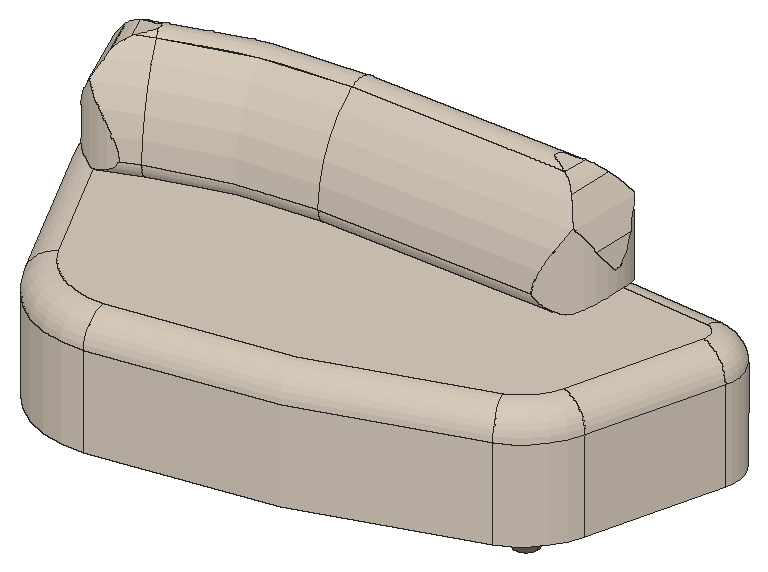
Revit family "FU_Modular_Sandler_Flow 06060", category Furniture, Revit 2022
Family settings
  OmniClass Number = 23.40.20.00
  OmniClass Title = General Furniture and Specialties
  Work Plane-Based = No
  Always vertical = Yes
  Cut with Voids When Loaded = No
  Render Appearance Source = Family Geometry
  Shared = No
  Room Calculation Point = No
Parameters (values of type "Flow 06060")
  Width = 2130 mm
  URL = "https://www.sandlerseating.com/product/flow-06060/"
  Shell [instance] = Fabric - Manhattan - Bronx YI364
  Model = "Flow 06060"
  Manufacturer = "Sandler"
  Height = 450 mm
  Description = "Left-hand modular sofa seat in an irregular shape. The backrest is in a fixed position, and the seat is webbed for comfort."
  Depth = 1150 mm
  Default Elevation = 0 mm
Reference planes
  plane 1 "Center (Front/Back)": y = 0
  plane 2: z = 0
  plane 3 "Center (Left/Right)": x = 0
  plane 4 "Right": x = -1065
  plane 5 "Left": x = 1065
  plane 6 "Back": y = 575
  plane 7 "Front": y = -575
  plane 8 "Height": z = 450
  plane 9 "Seat Base": z = 50
Forms (mm)
  Extrusion 1, solid, material "Wood - Beech - Wenge"
    sketch origin (-4.7, 2.795, 0) x (1, 0, 0) y (0, 1, 0)
      loop
        circle (-530.463, -414.937) r 40
      loop
        circle (-917.157, 302.792) r 40
      loop
        circle (944.431, 401.307) r 40
      loop
        circle (777.154, -159.036) r 40
    from 0 to 55
  Extrusion 2, solid, material "Fabric - Manhattan - Bronx YI364" <- "Shell"
    sketch origin (0, 0, 50) x (-1, 0, 0) y (0, -1, 0)
      loop
        arc (738.548, 362.816) -> (588.623, 518.503) -> (377.298, 563.865) r 370
        arc (377.298, 563.865) -> (-203.219, 467.579) -> (-761.201, 280.688) r 3708.81
        arc (-761.201, 280.688) -> (-862.424, 207.216) -> (-921.557, 96.999) r 280
        line (-921.557, 96.999) -> (-1040.925, -339.095)
        arc (-1040.925, -339.095) -> (-1022.545, -456.552) -> (-922.502, -520.783) r 145
        arc (-922.502, -520.783) -> (-16.169, -575.475) -> (885.722, -470.476) r 5160.671
        arc (885.722, -470.476) -> (1021.949, -364.044) -> (1020.063, -191.18) r 195
        line (1020.063, -191.18) -> (738.548, 362.816)
    from 0 to 400
  Sweep 3, void
    path in 3D
      loop
        arc (-738.548, -362.816, 450) -> (-588.623, -518.503, 450) -> (-377.298, -563.865, 450) r 370
        arc (-377.298, -563.865, 450) -> (203.219, -467.579, 450) -> (761.201, -280.688, 450) r 3708.81
        arc (761.201, -280.688, 450) -> (862.424, -207.216, 450) -> (921.557, -96.999, 450) r 280
        line (921.557, -96.999, 450) -> (1040.925, 339.095, 450)
        arc (1040.925, 339.095, 450) -> (1022.545, 456.552, 450) -> (922.502, 520.783, 450) r 145
        arc (922.502, 520.783, 450) -> (16.169, 575.475, 450) -> (-885.722, 470.476, 450) r 5160.671
        arc (-885.722, 470.476, 450) -> (-1021.949, 364.044, 450) -> (-1020.063, 191.18, 450) r 195
        line (-1020.063, 191.18, 450) -> (-738.548, -362.816, 450)
    profile "Pro_edgeCut_95mm : Pro_edgeCut_95mm" origin (-879.306, -85.818, 450) x (0.891501, 0.453019, 0) y (0, 0, 1)
      loop
        line (95, 0) -> (95, 48) -> (-48, 48) -> (-48, -95) -> (0, -95)
        arc (0, -95) -> (27.825, -27.825) -> (95, 0) r 95
Cuts and joins
  Sweep 3 cuts Extrusion 2
Lines and regions (mm)
  sketch lines
    curve 1: line (-1020.063, 191.18, 450) -> (-738.548, -362.816, 450)
    curve 2: arc (-377.298, -563.865, 450) -> (-588.623, -518.503, 450) -> (-738.548, -362.816, 450) r 370
    curve 3: arc (761.201, -280.688, 450) -> (203.219, -467.579, 450) -> (-377.298, -563.865, 450) r 3708.81
    curve 4: arc (921.557, -96.999, 450) -> (862.424, -207.216, 450) -> (761.201, -280.688, 450) r 280
    curve 5: line (921.557, -96.999, 450) -> (1040.925, 339.095, 450)
    curve 6: arc (922.502, 520.783, 450) -> (1022.545, 456.552, 450) -> (1040.925, 339.095, 450) r 145
    curve 7: arc (-885.722, 470.476, 450) -> (16.169, 575.475, 450) -> (922.502, 520.783, 450) r 5160.671
    curve 8: arc (-1020.063, 191.18, 450) -> (-1021.949, 364.044, 450) -> (-885.722, 470.476, 450) r 195
Dimensions and locks
  equal spacing: plane 6 "Back", plane 1 "Center (Front/Back)", plane 7 "Front"
  "Depth": plane 6 "Back" to plane 7 "Front"
  equal spacing: plane 4 "Right", plane 3 "Center (Left/Right)", plane 5 "Left"
  "Width": plane 4 "Right" to plane 5 "Left"
  "Height": plane 8 "Height" to level
  aligned and locked: level to plane 2
Automatic sketch dimensions
  plane 4 "Right" to Extrusion 1 sketch curve = 143.143 mm
  plane 7 "Front" to Extrusion 1 sketch curve = 162.858 mm
  plane 4 "Right" to Extrusion 1 sketch curve = 529.837 mm
  Extrusion 1 sketch curve to plane 5 "Left" = 292.546 mm
  Extrusion 1 sketch curve to plane 5 "Left" = 125.269 mm
  plane 1 "Center (Front/Back)" to Extrusion 1 sketch curve = 156.241 mm
  Extrusion 1 sketch curve to plane 6 "Back" = 269.413 mm
  Extrusion 1 sketch curve to plane 6 "Back" = 170.898 mm
  Extrusion 2 sketch curve to plane 5 "Left" = 24.075 mm
  Extrusion 2 sketch curve to plane 5 "Left" = 143.443 mm
  Extrusion 2 sketch curve to Extrusion 2 sketch curve = 139.855 mm
  plane 1 "Center (Front/Back)" to Extrusion 2 sketch curve = 23.076 mm
  Extrusion 2 sketch curve to Extrusion 2 sketch curve = 270.066 mm
  plane 3 "Center (Left/Right)" to Extrusion 2 sketch curve = 159.69 mm
  plane 1 "Center (Front/Back)" to Extrusion 2 sketch curve = 195.199 mm
  Extrusion 2 sketch curve to plane 3 "Center (Left/Right)" = 408.693 mm
  plane 4 "Right" to Extrusion 2 sketch curve = 373.009 mm
  plane 4 "Right" to Extrusion 2 sketch curve = 326.452 mm
  plane 4 "Right" to Extrusion 2 sketch curve = 218.78 mm
  plane 4 "Right" to Extrusion 2 sketch curve = 44.937 mm
  Extrusion 2 sketch curve to plane 1 "Center (Front/Back)" = 191.18 mm
  Extrusion 2 sketch curve to Extrusion 2 sketch curve = 88.339 mm
  Extrusion 2 sketch curve to plane 6 "Back" = 235.905 mm
  Extrusion 2 sketch curve to Extrusion 2 sketch curve = 38.281 mm
  plane 6 "Back" to Extrusion 2 sketch curve = 2556.57 mm
  plane 1 "Center (Front/Back)" to Extrusion 2 sketch curve = 96.999 mm
  plane 7 "Front" to Extrusion 2 sketch curve = 212.184 mm
  Extrusion 2 sketch curve to plane 7 "Front" = 4008.2 mm
  Extrusion 2 sketch curve to Extrusion 2 sketch curve = 0 mm  (x2)
  radius of Extrusion 1 sketch curve = 40 mm  (x4)
Nested families
  nested 1: "Flow 06060 Cushion" at (0, 0, 0), Seat <- "Shell", type "Flow 06060 Cushion"
    with Seat Fabric - Manhattan - Bronx YI364
Definition of nested family "Flow 06060 Cushion"
  Parameters (values of type "Flow 06060 Cushion")
    Width = 1624 mm
    Seat [instance] = none
    Height = 830 mm
    Depth = 425.141 mm
    Default Elevation = 0 mm
  Reference planes
    plane 1 "Center (Front/Back)": y = 0
    plane 2: z = 0
    plane 3 "Center (Left/Right)": x = 0
    plane 4 "Right": x = -962
    plane 5 "Left": x = 662
    plane 6 "Back": y = 515.141
    plane 7 "Front": y = 90
    plane 8 "Height": z = 830
    plane 9 "Seat Height": z = 450
    plane 10 "right cushion edge": through (-951.547, 174.869, 1200) normal (-0.3907, 0.9205, 0)
  Forms (mm)
    Sweep 1, solid, material <- "Seat"
      path origin (0, 0, 450) x (-1, 0, 0) y (0, -1, 0)
        loop
          line (-766.206, -365.766) -> (193.794, -365.766)
          arc (193.794, -365.766) -> (488.546, -336.521) -> (771.804, -249.928) r 1500
          line (771.804, -249.928) -> (1020.953, -145.886)
      profile origin (286.206, 365.766, 450) x (0, -1, 0) y (0, 0, 1)
        loop
          arc (129.952, 5.746) -> (165.744, 23.478) -> (180.098, 60.754) r 55
          arc (180.098, 60.754) -> (143.176, 228.567) -> (40.34, 366.223) r 407.322
          spline (40.34, 366.223) -> (34.044, 370.373) -> (27.517, 373.807) -> (20.802, 376.503) -> (13.947, 378.441) -> (6.997, 379.61) -> (-0.001, 380) -> (-6.999, 379.61) -> (-13.949, 378.441) -> (-20.804, 376.503) -> (-27.518, 373.807) -> (-34.046, 370.373) -> (-40.342, 366.223)
          arc (-40.342, 366.223) -> (-143.179, 228.565) -> (-180.1, 60.75) r 407.322
          arc (-180.1, 60.75) -> (-165.745, 23.474) -> (-129.952, 5.742) r 55
          arc (-129.952, 5.742) -> (0, 0) -> (129.952, 5.746) r 1472.901
    Extrusion 2, void
      sketch origin (0, 0, 0) x (1, 0, 0) y (0, 0, 1)
        loop
          arc (662, 491.443) -> (622.521, 464.435) -> (575.775, 454.297) r 124.561
          arc (575.775, 454.297) -> (508.544, 448.044) -> (441.085, 445.154) r 1352.425
          line (441.085, 445.154) -> (441.085, 423.902) -> (776.085, 423.902) -> (776.085, 858.902) -> (401.08, 858.902) -> (401.08, 833.902)
          arc (401.08, 833.902) -> (461.069, 828.897) -> (519.468, 814.297) r 372.62
          arc (519.468, 814.297) -> (547.086, 800.382) -> (569.746, 779.336) r 110.115
          arc (569.746, 779.336) -> (616.146, 708.973) -> (647.891, 630.896) r 428.909
          arc (647.891, 630.896) -> (661.481, 561.831) -> (662, 491.443) r 377.133
      from -557.42 to -172.063
    Extrusion 3, void
      sketch origin (-208.169, 490.414, 0) x (-0.920505, -0.390731, 0) y (0, 0, 1)
        loop
          arc (558.291, 833.304) -> (618.279, 828.299) -> (676.679, 813.7) r 372.62
          arc (676.679, 813.7) -> (704.297, 799.784) -> (726.956, 778.738) r 110.115
          arc (726.956, 778.738) -> (773.357, 708.376) -> (805.101, 630.298) r 428.909
          arc (805.101, 630.298) -> (818.691, 561.233) -> (819.211, 490.846) r 377.133
          arc (819.211, 490.846) -> (779.732, 463.838) -> (732.985, 453.699) r 124.561
          arc (732.985, 453.699) -> (665.754, 447.446) -> (598.295, 444.557) r 1352.425
          line (598.295, 444.557) -> (598.295, 423.304) -> (973.295, 423.304) -> (973.295, 858.304) -> (558.291, 858.304) -> (558.291, 833.304)
      from -189.585 to 187.906
    Extrusion 4, void
      sketch origin (0, 0, 450) x (-1, 0, 0) y (0, -1, 0)
        loop
          line (863.727, -410.934) -> (875.269, -438.625) -> (1069.105, -357.832) -> (904.442, 37.225) -> (710.606, -43.568) -> (722.148, -71.259)
          arc (722.148, -71.259) -> (962.775, -170.306) -> (863.727, -410.934) r 184
      from -12.577 to 391.223
    Extrusion 5, void
      sketch origin (0, 0, 450) x (-1, 0, 0) y (0, -1, 0)
        loop
          line (-478, -181.767) -> (-478, -151.767) -> (-683, -151.767) -> (-683, -579.767) -> (-478, -579.767) -> (-478, -549.767)
          arc (-478, -549.767) -> (-662, -365.767) -> (-478, -181.767) r 184
      from -14.778 to 380
  Cuts and joins
    Extrusion 2, Extrusion 3, Extrusion 4, Extrusion 5 cuts Sweep 1
  Dimensions and locks
    plane 6 "Back" to plane 7 "Front" to plane 1 "Center (Front/Back)" = 425.141 mm, 90 mm
    "Depth": plane 6 "Back" to plane 7 "Front"
    plane 4 "Right" to plane 3 "Center (Left/Right)" to plane 5 "Left" = 962 mm, 662 mm
    "Width": plane 4 "Right" to plane 5 "Left"
    "Height": plane 8 "Height" to level
    aligned and locked: level to plane 2
  Automatic sketch dimensions
    Sweep 1 sketch curve to plane 3 "Center (Left/Right)" = 193.794 mm
    Sweep 1 sketch curve to plane 6 "Back" = 149.375 mm
    plane 1 "Center (Front/Back)" to Sweep 1 sketch curve = 1134.234 mm
    plane 5 "Left" to Sweep 1 sketch curve = 104.206 mm
    plane 4 "Right" to Sweep 1 sketch curve = 190.196 mm
    Sweep 1 sketch curve to plane 4 "Right" = 58.953 mm
    plane 7 "Front" to Sweep 1 sketch curve = 55.886 mm
    plane 9 "Seat Height" to Sweep 1 sketch curve = 59.104 mm  (x2)
    profile plane to Sweep 1 sketch curve = 227.22 mm
    plane 9 "Seat Height" to Sweep 1 sketch curve = 60.528 mm
    Sweep 1 sketch curve to Sweep 1 sketch curve = 102.12 mm  (x2)
    profile plane to Sweep 1 sketch curve = 0.022 mm
    plane 9 "Seat Height" to Sweep 1 sketch curve = 60.531 mm
    Sweep 1 sketch curve to profile plane = 125.099 mm
    plane 9 "Seat Height" to Sweep 1 sketch curve = 1472.901 mm
    plane 9 "Seat Height" to Sweep 1 sketch curve = 60.75 mm
    Sweep 1 sketch curve to Sweep 1 sketch curve = 0 mm  (x3)
    profile plane to Sweep 1 sketch curve = 40.342 mm
    profile plane to Sweep 1 sketch curve = 0.001 mm
    Sweep 1 sketch curve to profile plane = 40.34 mm
    Sweep 1 sketch curve to Sweep 1 sketch curve = 85 mm
    Sweep 1 sketch curve to Sweep 1 sketch curve = 101.223 mm
    Extrusion 2 sketch curve to plane 5 "Left" = 0 mm
    Extrusion 2 sketch curve to plane 5 "Left" = 88.762 mm
    Extrusion 2 sketch curve to Extrusion 2 sketch curve = 89.017 mm
    Extrusion 2 sketch curve to plane 9 "Seat Height" = 26.098 mm
    Extrusion 2 sketch curve to Extrusion 2 sketch curve = 132.153 mm
    Extrusion 2 sketch curve to plane 5 "Left" = 245.045 mm
    plane 8 "Height" to Extrusion 2 sketch curve = 3.902 mm
    Extrusion 2 sketch curve to Extrusion 2 sketch curve = 83.14 mm
    plane 9 "Seat Height" to Extrusion 2 sketch curve = 11.283 mm
    Extrusion 2 sketch curve to Extrusion 2 sketch curve = 40.891 mm
    plane 9 "Seat Height" to Extrusion 2 sketch curve = 73.867 mm
    Extrusion 2 sketch curve to Extrusion 2 sketch curve = 113.93 mm
    Extrusion 2 sketch curve to Extrusion 2 sketch curve = 49.647 mm
    plane 5 "Left" to Extrusion 2 sketch curve = 114.085 mm
    Extrusion 2 sketch curve to plane 9 "Seat Height" = 4.846 mm
    Extrusion 2 sketch curve to Extrusion 2 sketch curve = 14.694 mm
    plane 9 "Seat Height" to Extrusion 2 sketch curve = 128.832 mm
    Extrusion 2 sketch curve to plane 8 "Height" = 120.024 mm
    Extrusion 2 sketch curve to Extrusion 2 sketch curve = 25 mm
    Extrusion 2 sketch curve to Extrusion 2 sketch curve = 938.462 mm
    Extrusion 2 sketch curve to Extrusion 2 sketch curve = 74.653 mm
    Extrusion 2 sketch curve to Extrusion 2 sketch curve = 0 mm  (x2)
    plane 9 "Seat Height" to Extrusion 3 sketch curve = 58.576 mm
    Extrusion 3 sketch curve to Extrusion 3 sketch curve = 49.647 mm
    plane 9 "Seat Height" to Extrusion 3 sketch curve = 10.686 mm
    Extrusion 3 sketch curve to Extrusion 3 sketch curve = 113.93 mm
    plane 8 "Height" to Extrusion 3 sketch curve = 28.304 mm
    Extrusion 3 sketch curve to Extrusion 3 sketch curve = 114.817 mm
    Extrusion 3 sketch curve to Extrusion 3 sketch curve = 15.874 mm
    Extrusion 3 sketch curve to plane 9 "Seat Height" = 5.443 mm
    Extrusion 3 sketch curve to Extrusion 3 sketch curve = 40.891 mm
    Extrusion 3 sketch curve to Extrusion 3 sketch curve = 83.14 mm
    Extrusion 3 sketch curve to Extrusion 3 sketch curve = 89.017 mm
    Extrusion 3 sketch curve to plane 9 "Seat Height" = 26.696 mm
    Extrusion 3 sketch curve to Extrusion 3 sketch curve = 242.847 mm
    Extrusion 3 sketch curve to Extrusion 3 sketch curve = 14.694 mm
    plane 9 "Seat Height" to Extrusion 3 sketch curve = 128.235 mm
    Extrusion 3 sketch curve to plane 8 "Height" = 120.621 mm
    plane 8 "Height" to Extrusion 3 sketch curve = 3.304 mm
    Extrusion 3 sketch curve to Extrusion 3 sketch curve = 938.462 mm
    Extrusion 3 sketch curve to Extrusion 3 sketch curve = 0 mm  (x3)
    plane 9 "Seat Height" to Extrusion 3 sketch curve = 3.699 mm
    plane 4 "Right" to Extrusion 4 sketch curve = 86.731 mm
    Extrusion 4 sketch curve to plane 6 "Back" = 76.516 mm
    Extrusion 4 sketch curve to Extrusion 4 sketch curve = 80.793 mm
    Extrusion 4 sketch curve to plane 7 "Front" = 18.741 mm
    Extrusion 4 sketch curve to Extrusion 4 sketch curve = 70.79 mm
    Extrusion 4 sketch curve to Extrusion 4 sketch curve = 11.542 mm  (x2)
    plane 1 "Center (Front/Back)" to Extrusion 4 sketch curve = 37.225 mm
    Extrusion 4 sketch curve to plane 4 "Right" = 107.105 mm
    plane 5 "Left" to Extrusion 5 sketch curve = 21 mm
    plane 6 "Back" to Extrusion 5 sketch curve = 64.626 mm
    Extrusion 5 sketch curve to plane 5 "Left" = 184 mm
    Extrusion 5 sketch curve to plane 6 "Back" = 149.374 mm
    plane 7 "Front" to Extrusion 5 sketch curve = 91.767 mm
    Extrusion 5 sketch curve to Extrusion 5 sketch curve = 30 mm
